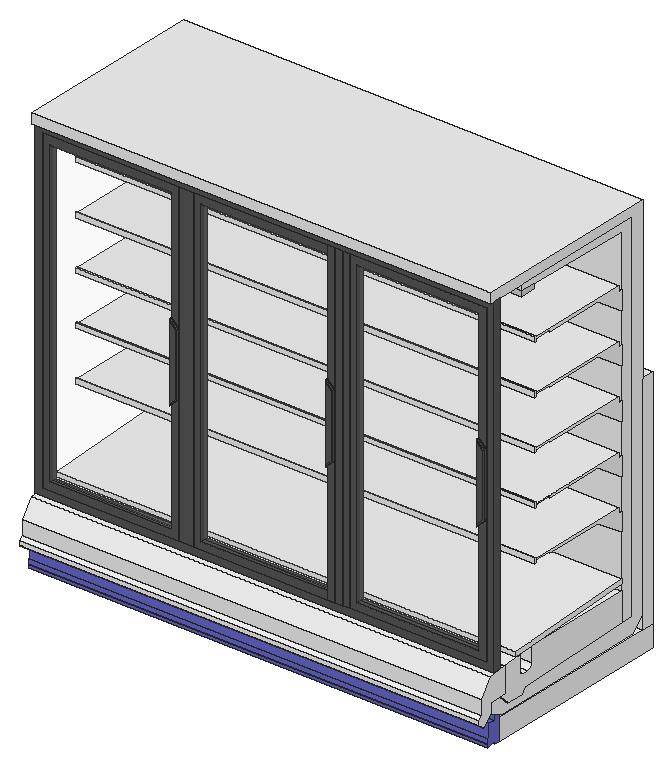
Revit family
Parameters (values of type "RL-3 Door Innov., Innov. II & III")
  Width = 92 1/2"
  Voltage - Electric Defrost [instance] = 208 V
  Voltage [instance] = 120 V
  URL = "www.hussmann.com"
  Type Comments = "LT Reach-In Merchandiser"
  Temp Sensor [instance] = "Low Voltage"
  Telephone = no
  System Control [instance] = "1.00 A"
  Standard Right End Cap On/Off [instance] = no
  Standard Left End Cap On/Off [instance] = no
  Revit Family Dates = "4/23/12PMA(0212)"
  Refrigerant Suction Connection Diameter = 7/8"
  Refrigerant Liquid Connection Diameter = 3/8"
  Refrig. Suction [instance] = "Suction"
  Refrig. Liquid [instance] = "Liquid"
  R.I. RH Doors YES/NO [instance] = no
  R.I. LH Doors YES/NO [instance] = yes
  R.I. - RH Door Swing YES/NO [instance] = no
  R.I. - LH Door Swing YES/NO [instance] = yes
  Phase [instance] = 1
  Number of Shelves = 0
  Model = "RL-3"
  Mirrored Right End Cap On/Off [instance] = no
  Mirrored Left End Cap On/Off [instance] = no
  Minimum Circuit Current [instance] = 4.9 A
  Manufacturer = "Hussmann Corporation"
  Linear Shelf Length = 0"
  Height = 82 3/8"
  Front Height = 0"
  Frequency [instance] = 60 Hz
  Finish_Trim [instance] = Stainless Steel 2
  Finish_Top [instance] = none
  Finish_Shelf [instance] = Stainless Steel
  Finish_Handle = Black Metal
  Finish_Glass [instance] = Glass 2
  Finish_Frame = Black Metal
  Finish_Door [instance] = Black Metal
  Finish_Case [instance] = Stainless Steel
  Finish_Bumper [instance] = Blue Metal
  Finish_Base [instance] = Stainless Steel
  Elect. Defrost Amps [instance] = "10.08 A"
  Elect. Def. Amps [instance] = 10.08 A
  EMS = no
  Drain Pipe Size = "1 1/4\""
  Drain Heaters [instance] = 1.25 A
  Description = "Low Temperature Reach-in(Frozen Food or Ice Cream)"
  Depth = 43 3/4"
  Data = "N/A"
  Copper-Suction [instance] = Copper
  Copper-Liquid [instance] = Copper
  Case Lights Amps [instance] = "0.54 A"
  Case Lights [instance] = 0.54 A
  Case Fans (MCA) [instance] = "4.90 A"
  Assembly Code = ""
Reference planes (in)
  plane 1 "Center (Front/Back)": y = 0
  plane 2: z = 0
  plane 3: y = -41.625
  plane 4: z = 13
  plane 5: z = 80
  plane 6: z = 82
  plane 7: y = -32
  plane 8: y = -43.75
  plane 9: y = -40.75
  plane 10: x = -46.86949
  plane 11: x = 45.63051
  plane 12: x = -43.86949
  plane 13: x = 39.63051
  plane 14: y = -40
  plane 15: y = -39.25
  plane 16 "DL": x = -45.36949
  plane 17 "DR": x = 41.13051
  plane 18: x = -0.61949
  plane 19: x = 40.63051
  plane 20: y = -33
  plane 21: y = -37
  plane 22: y = -34.625
  plane 23: x = -15.61949
  plane 24: y = -33.625
  plane 25: x = 14.38051
Forms (in)
  Extrusion 1, solid, material "Stainless Steel" <- "Finish_Case"
    sketch origin (-46.86949, 0, 0) x (0, 1, 0) y (0, 0, 1)
      loop
        line (-5, 4.63662) -> (-2.5, 7.13662) -> (-2.5, 82) -> (-40.75, 82) -> (-40.75, 80) -> (-5.5, 80) -> (-5.5, 8.31202) -> (-32.09633, 7.00826) -> (-33.05546, 6.04913) -> (-36.55546, 6.04913) -> (-38.5, 7.99367) -> (-40.75, 7.99367) -> (-40.75, 5.99367) -> (-37.75, 4.63662) -> (-5, 4.63662)
    from 0 to 92.5
  Extrusion 2, solid, material "Stainless Steel" <- "Finish_Case"
    sketch origin (-46.86949, 0, 0) x (0, 1, 0) y (0, 0, 1)
      loop
        line (-37.25, 13) -> (-40.75, 12.69379) -> (-43.04431, 9.41718) -> (-43.04431, 6.66718) -> (-43.75, 5.96149) -> (-43.75, 5.08872) -> (-42.58027, 4.2259) -> (-40.75, 5.99367) -> (-40.75, 7.99367) -> (-37.25, 7.99367) -> (-37.25, 13)
    from 0 to 92.5
  Extrusion 3, solid, material "Stainless Steel" <- "Finish_Case"
    sketch origin (-46.86949, 0, 0) x (0, 1, 0) y (0, 0, 1)
      loop
        line (-2.5, 4.26162) -> (0, 4.26162) -> (0, 49.76162) -> (-2.5, 49.76162) -> (-2.5, 4.26162)
    from 0 to 92.5
  Extrusion 4, solid, material "Stainless Steel" <- "Finish_Case"
    sketch origin (-46.86949, 0, 0) x (0, 1, 0) y (0, 0, 1)
      loop
        line (-5.5, 80) -> (-33, 80) -> (-33, 78.93638) -> (-7.75, 78.49564) -> (-7.75, 7.85845) -> (-5.5, 7.93702) -> (-5.5, 80)
    from 0 to 92.5
  Extrusion 5, solid
    sketch origin (-46.86949, 0, 0) x (0, 1, 0) y (0, 0, 1)
      loop
        line (-33, 78.93638) -> (-33, 77.93638) -> (-30, 77.93638) -> (-30, 78.88401) -> (-33, 78.93638)
    from 0 to 92.5
  Extrusion 6, solid, material "Stainless Steel" <- "Finish_Base"
    sketch origin (-46.86949, 0, 0) x (0, 1, 0) y (0, 0, 1)
      loop
        line (-36.55546, 6.04913) -> (-33.05546, 6.04913) -> (-32.09633, 7.00826) -> (-7.75, 7.85845) -> (-7.75, 13.65118) -> (-30.30697, 13.65118) -> (-30.30697, 10.65118)
        arc (-30.30697, 10.65118) -> (-30.59986, 9.94407) -> (-31.30697, 9.65118) r 1
        line (-31.30697, 9.65118) -> (-32.55697, 9.65118)
        arc (-32.55697, 9.65118) -> (-33.26408, 9.94407) -> (-33.55697, 10.65118) r 1
        line (-33.55697, 10.65118) -> (-33.55697, 13.52897) -> (-37.25, 13) -> (-37.25, 7.99367) -> (-38.5, 7.99367) -> (-36.55546, 6.04913)
    from 0 to 92.5
  Extrusion 7, solid, material "Stainless Steel" <- "Finish_Shelf"
    sketch origin (-46.86949, 0, 0) x (0, 1, 0) y (0, 0, 1)
      loop
        line (-7.75, 64.26162) -> (-7.75, 68.01162) -> (-8.5, 68.01162) -> (-8.5, 69.01162) -> (-29.5, 69.01162) -> (-29.5, 69.26162) -> (-29.75, 69.26162) -> (-29.75, 68.26162) -> (-29.5, 68.26162) -> (-29.5, 68.76162) -> (-26, 68.76162) -> (-26, 68.51162) -> (-13.81963, 68.51162) -> (-7.75, 64.26162)
      loop
        line (-7.75, 54.26162) -> (-7.75, 58.01162) -> (-8.5, 58.01162) -> (-8.5, 59.01162) -> (-29.5, 59.01162) -> (-29.5, 59.26162) -> (-29.75, 59.26162) -> (-29.75, 58.26162) -> (-29.5, 58.26162) -> (-29.5, 58.76162) -> (-26, 58.76162) -> (-26, 58.51162) -> (-13.81963, 58.51162) -> (-7.75, 54.26162)
      loop
        line (-7.75, 44.26162) -> (-7.75, 48.01162) -> (-8.5, 48.01162) -> (-8.5, 49.01162) -> (-29.5, 49.01162) -> (-29.5, 49.26162) -> (-29.75, 49.26162) -> (-29.75, 48.26162) -> (-29.5, 48.26162) -> (-29.5, 48.76162) -> (-26, 48.76162) -> (-26, 48.51162) -> (-13.81963, 48.51162) -> (-7.75, 44.26162)
      loop
        line (-7.75, 34.26162) -> (-7.75, 38.01162) -> (-8.5, 38.01162) -> (-8.5, 39.01162) -> (-29.5, 39.01162) -> (-29.5, 39.26162) -> (-29.75, 39.26162) -> (-29.75, 38.26162) -> (-29.5, 38.26162) -> (-29.5, 38.76162) -> (-26, 38.76162) -> (-26, 38.51162) -> (-13.81963, 38.51162) -> (-7.75, 34.26162)
      loop
        line (-7.75, 24.26162) -> (-7.75, 28.01162) -> (-8.5, 28.01162) -> (-8.5, 29.01162) -> (-29.5, 29.01162) -> (-29.5, 29.26162) -> (-29.75, 29.26162) -> (-29.75, 28.26162) -> (-29.5, 28.26162) -> (-29.5, 28.76162) -> (-26, 28.76162) -> (-26, 28.51162) -> (-13.81963, 28.51162) -> (-7.75, 24.26162)
      loop
        line (-34.54319, 13.47728) -> (-7.75, 14.88146) -> (-7.75, 15.88283) -> (-34.54319, 14.47866) -> (-34.54319, 13.47728)
    from 0 to 92.5
  Extrusion 8, solid, material "Stainless Steel"
    sketch origin (-45.36949, 0, 0) x (0, 1, 0) y (0, 0, 1)
      loop
        line (0, 4.26162) -> (-38.66016, 4.26162) -> (-38.66016, 0) -> (0, 0) -> (0, 4.26162)
    from 0 to -1.5
  Extrusion 9, solid, material "Blue Metal"
    sketch origin (-49.86949, 0, 0) x (0, 1, 0) y (0, 0, 1)
      loop
        line (-38.66016, 4.7871) -> (-39.66016, 5.36445) -> (-39.66016, 4.26162) -> (-41.375, 4.55297) -> (-41.375, 1.75) -> (-41.625, 1.75) -> (-41.625, 1) -> (-41.375, 1) -> (-41.375, 0.75) -> (-41.625, 0.75) -> (-41.625, 0.19004) -> (-39.66016, 0.52548) -> (-39.66016, 0) -> (-38.66016, 0) -> (-38.66016, 4.7871)
    from 3 to 95.5
  Extrusion 10, solid, material "Stainless Steel"
    sketch origin (-49.86949, 0, 0) x (0, 1, 0) y (0, 0, 1)
      loop
        line (-32, 1.76162) -> (0, 1.76162) -> (0, 4.26162) -> (-32, 4.26162) -> (-32, 1.76162)
    from 4.5 to 94
  Extrusion 11, solid, material "Stainless Steel"
    sketch origin (-45.36949, 0, 0) x (0, 1, 0) y (0, 0, 1)
      loop
        line (-0.5532, 1.76162) -> (-2.8032, 1.76162) -> (-2.8032, 0) -> (-0.5532, 0) -> (-0.5532, 1.76162)
      loop
        line (-31.4468, 1.76162) -> (-31.4468, 0) -> (-29.1968, 0) -> (-29.1968, 1.76162) -> (-31.4468, 1.76162)
    from 0 to 89.5
  Extrusion 12, solid, material "Stainless Steel"
    sketch origin (44.13051, 0, 0) x (0, 1, 0) y (0, 0, 1)
      loop
        line (0, 4.26162) -> (-38.66016, 4.26162) -> (-38.66016, 0) -> (0, 0) -> (0, 4.26162)
    from 0 to 1.5
  Extrusion 13, solid, material "Stainless Steel"
    sketch origin (0, 0, 0) x (1, 0, 0) y (0, 1, 0)
      loop
        circle (40.63051, -37) r 0.375
      loop
        circle (40.63051, -37) r 0.36562
      loop
        circle (39.63051, -37) r 0.375
      loop
        circle (39.63051, -37) r 0.36562
      loop
        circle (38.63051, -37) r 0.375
      loop
        circle (38.63051, -37) r 0.36562
      loop
        circle (37.63051, -37) r 0.375
      loop
        circle (37.63051, -37) r 0.36562
      loop
        circle (36.63051, -37) r 0.375
      loop
        circle (36.63051, -37) r 0.36562
    from 4.63662 to 2.77168
  Extrusion 14, solid, material "Stainless Steel"
    sketch origin (0, 0, 0) x (1, 0, 0) y (0, 1, 0)
      loop
        circle (-0.61949, -34.625) r 0.625
      loop
        circle (-0.61949, -34.625) r 0.59853
    from 6.42413 to 2.77168
  Extrusion 15, solid, material "Copper" <- "Copper-Suction"
    sketch origin (31.99896, -0.05544, -0.375) x (1, 0, 0) y (0, 1, 0)
      loop
        circle (8.62802, -33) r 0.4375
      loop
        circle (8.62802, -33) r 0.41359
    from 4.26162 to 3.64579
  Extrusion 16, solid, material "Copper" <- "Copper-Liquid"
    sketch origin (31.99896, -0.05544, -0.375) x (1, 0, 0) y (0, 1, 0)
      loop
        circle (7.05443, -33) r 0.1875
      loop
        circle (7.05443, -33) r 0.17284
    from 4.26162 to 3.64579
Lines and regions (in)
  symbolic lines
    curve 1: line (-46.86949, -43.75, 0) -> (45.63051, -43.75, 0)
    curve 2: line (-46.86949, 0, 0) -> (-46.86949, -43.75, 0)
    curve 3: line (45.63051, 0, 0) -> (45.63051, -43.75, 0)
    curve 4: line (-46.86949, 0, 0) -> (45.63051, 0, 0)
Dimensions and locks (in)
  plane 10 to plane 11 = 92 1/2"
  plane 1 "Center (Front/Back)" to plane 3 = 41 5/8"
  "Depth": plane 1 "Center (Front/Back)" to plane 8
  plane 3 to plane 1 "Center (Front/Back)" = 41 5/8"
  locked: plane 10 to plane 12 at 3
  plane 13 to plane 11 = 6"
  level to plane 6 = 82"
  plane 11 to plane 10 = 92 1/2"
  plane 18 to plane 10 = 46 1/4"
  plane 11 to plane 18 = 46 1/4"
  aligned and locked: curve 1 to Extrusion 2
  aligned and locked: Extrusion 13 to Extrusion 1
Automatic sketch dimensions
  plane 1 "Center (Front/Back)" to curve 4 = 0"
  curve 4 to plane 10 = 0"
  curve 3 to plane 11 = 0"
  Extrusion 1 sketch curve to plane 9 = 0"  (x2)
  plane 5 to Extrusion 1 sketch curve = 0"
  plane 6 to Extrusion 1 sketch curve = 0"
  Extrusion 1 sketch curve to plane 15 = 3/4"
  plane 21 to Extrusion 1 sketch curve = 3/4"
  Extrusion 1 sketch curve to plane 21 = 0.44454"
  plane 20 to Extrusion 1 sketch curve = 0.05546"
  plane 7 to Extrusion 1 sketch curve = 0.09633"
  plane 1 "Center (Front/Back)" to Extrusion 1 sketch curve = 5 1/2"
  Extrusion 1 sketch curve to Extrusion 1 sketch curve = 1/2"
  plane 1 "Center (Front/Back)" to Extrusion 1 sketch curve = 2 1/2"
  plane 4 to Extrusion 1 sketch curve = 4.68798"
  plane 4 to Extrusion 1 sketch curve = 5.00633"
  Extrusion 1 sketch curve to Extrusion 1 sketch curve = 1.1754"
  plane 4 to Extrusion 1 sketch curve = 5.99174"
  Extrusion 1 sketch curve to Extrusion 1 sketch curve = 0.95913"
  Extrusion 1 sketch curve to Extrusion 1 sketch curve = 2"
  Extrusion 1 sketch curve to Extrusion 1 sketch curve = 2 1/2"
  Extrusion 2 sketch curve to plane 8 = 0"
  Extrusion 2 sketch curve to plane 9 = 0"  (x2)
  plane 4 to Extrusion 2 sketch curve = 0"
  Extrusion 2 sketch curve to plane 8 = 0.70569"
  plane 3 to Extrusion 2 sketch curve = 0.95527"
  plane 21 to Extrusion 2 sketch curve = 1/4"
  plane 4 to Extrusion 2 sketch curve = 0.30621"
  plane 4 to Extrusion 2 sketch curve = 3.58282"
  Extrusion 2 sketch curve to Extrusion 2 sketch curve = 1.42351"
  Extrusion 2 sketch curve to Extrusion 2 sketch curve = 1.32649"
  Extrusion 2 sketch curve to Extrusion 2 sketch curve = 2"
  Extrusion 2 sketch curve to Extrusion 2 sketch curve = 0.70569"
  Extrusion 2 sketch curve to Extrusion 2 sketch curve = 0.87277"
  Extrusion 2 sketch curve to Extrusion 2 sketch curve = 0.86282"
  Extrusion 3 sketch curve to plane 1 "Center (Front/Back)" = 0"
  Extrusion 3 sketch curve to Extrusion 3 sketch curve = 2 1/2"
  level to Extrusion 3 sketch curve = 4.26162"
  plane 5 to Extrusion 3 sketch curve = 30.23838"
  Extrusion 4 sketch curve to plane 20 = 0"
  plane 5 to Extrusion 4 sketch curve = 0"
  plane 1 "Center (Front/Back)" to Extrusion 4 sketch curve = 7 3/4"
  Extrusion 4 sketch curve to Extrusion 4 sketch curve = 2 1/4"
  Extrusion 4 sketch curve to Extrusion 4 sketch curve = 1.06362"
  plane 5 to Extrusion 4 sketch curve = 1.50436"
  plane 4 to Extrusion 4 sketch curve = 5.06298"
  Extrusion 4 sketch curve to Extrusion 4 sketch curve = 0.07857"
  Extrusion 5 sketch curve to plane 20 = 0"
  Extrusion 5 sketch curve to plane 7 = 2"
  plane 5 to Extrusion 5 sketch curve = 2.06362"
  Extrusion 5 sketch curve to Extrusion 5 sketch curve = 0.94763"
  Extrusion 5 sketch curve to Extrusion 5 sketch curve = 1"
  plane 4 to Extrusion 6 sketch curve = 0"
  Extrusion 6 sketch curve to plane 15 = 3/4"
  plane 21 to Extrusion 6 sketch curve = 1/4"
  Extrusion 6 sketch curve to plane 21 = 0.44454"
  Extrusion 6 sketch curve to plane 24 = 0.06803"
  plane 20 to Extrusion 6 sketch curve = 0.05546"
  Extrusion 6 sketch curve to plane 20 = 0.44303"
  plane 7 to Extrusion 6 sketch curve = 0.09633"
  Extrusion 6 sketch curve to plane 7 = 0.69303"
  Extrusion 6 sketch curve to Extrusion 6 sketch curve = 1"
  Extrusion 6 sketch curve to plane 4 = 0.65118"
  plane 1 "Center (Front/Back)" to Extrusion 6 sketch curve = 7 3/4"
  plane 4 to Extrusion 6 sketch curve = 2.34882"
  plane 4 to Extrusion 6 sketch curve = 5.00633"
  plane 4 to Extrusion 6 sketch curve = 5.14155"
  Extrusion 6 sketch curve to Extrusion 6 sketch curve = 2.64293"
  Extrusion 6 sketch curve to Extrusion 6 sketch curve = 1.94454"
  Extrusion 6 sketch curve to plane 4 = 0.52897"
  Extrusion 7 sketch curve to plane 22 = 0.08181"
  Extrusion 7 sketch curve to plane 7 = 2 1/4"  (x5)
  Extrusion 7 sketch curve to Extrusion 7 sketch curve = 1/4"  (x17)
  Extrusion 7 sketch curve to Extrusion 7 sketch curve = 0"  (x6)
  Extrusion 7 sketch curve to Extrusion 7 sketch curve = 3 1/2"  (x5)
  Extrusion 7 sketch curve to Extrusion 7 sketch curve = 12.18037"
  Extrusion 7 sketch curve to Extrusion 7 sketch curve = 5.31963"  (x5)
  Extrusion 7 sketch curve to Extrusion 7 sketch curve = 3/4"  (x5)
  Extrusion 7 sketch curve to plane 4 = 1.88146"
  plane 1 "Center (Front/Back)" to Extrusion 7 sketch curve = 7 3/4"
  Extrusion 7 sketch curve to plane 4 = 1.47866"
  Extrusion 7 sketch curve to plane 4 = 0.47728"
  Extrusion 7 sketch curve to Extrusion 7 sketch curve = 1.00137"
  Extrusion 7 sketch curve to Extrusion 7 sketch curve = 8.37879"
  Extrusion 7 sketch curve to Extrusion 7 sketch curve = 3 3/4"  (x5)
  Extrusion 7 sketch curve to Extrusion 7 sketch curve = 13.78296"
  Extrusion 7 sketch curve to Extrusion 7 sketch curve = 1/2"  (x8)
  Extrusion 7 sketch curve to Extrusion 7 sketch curve = 5 1/4"  (x4)
  Extrusion 7 sketch curve to Extrusion 7 sketch curve = 9"  (x4)
  Extrusion 7 sketch curve to Extrusion 7 sketch curve = 1"  (x3)
  Extrusion 8 sketch curve to level = 0"
  Extrusion 8 sketch curve to plane 1 "Center (Front/Back)" = 0"
  Extrusion 8 sketch curve to plane 15 = 151/256"
  Extrusion 8 sketch curve to Extrusion 8 sketch curve = 4.26162"
  Extrusion 9 sketch curve to plane 3 = 0"  (x2)
  Extrusion 9 sketch curve to level = 0"
  Extrusion 9 sketch curve to plane 3 = 1/4"  (x2)
  plane 14 to Extrusion 9 sketch curve = 87/256"  (x2)
  Extrusion 9 sketch curve to plane 15 = 151/256"
  level to Extrusion 9 sketch curve = 0.19004"
  level to Extrusion 9 sketch curve = 0.52548"
  Extrusion 9 sketch curve to Extrusion 9 sketch curve = 0.55996"
  Extrusion 9 sketch curve to Extrusion 9 sketch curve = 1/4"
  Extrusion 9 sketch curve to Extrusion 9 sketch curve = 3/4"
  Extrusion 9 sketch curve to Extrusion 9 sketch curve = 2.51162"
  Extrusion 9 sketch curve to Extrusion 9 sketch curve = 0.29135"
  Extrusion 9 sketch curve to Extrusion 9 sketch curve = 0.52548"
  Extrusion 9 sketch curve to Extrusion 9 sketch curve = 1.10283"
  Extrusion 10 sketch curve to plane 7 = 0"
  Extrusion 10 sketch curve to plane 1 "Center (Front/Back)" = 0"
  level to Extrusion 10 sketch curve = 1.76162"
  Extrusion 10 sketch curve to Extrusion 10 sketch curve = 2 1/2"
  Extrusion 11 sketch curve to level = 0"  (x2)
  Extrusion 11 sketch curve to plane 7 = 0.5532"
  Extrusion 11 sketch curve to Extrusion 11 sketch curve = 2 1/4"
  plane 1 "Center (Front/Back)" to Extrusion 11 sketch curve = 2.8032"
  plane 1 "Center (Front/Back)" to Extrusion 11 sketch curve = 0.5532"
  level to Extrusion 11 sketch curve = 1.76162"  (x2)
  Extrusion 12 sketch curve to level = 0"
  Extrusion 12 sketch curve to plane 1 "Center (Front/Back)" = 0"
  Extrusion 12 sketch curve to plane 15 = 151/256"
  level to Extrusion 12 sketch curve = 4.26162"
  Extrusion 13 sketch curve to Extrusion 13 sketch curve = 0"  (x10)
  plane 21 to Extrusion 13 sketch curve = 0"  (x5)
  Extrusion 13 sketch curve to plane 13 = 0"
  Extrusion 13 sketch curve to plane 19 = 0"
  Extrusion 13 sketch curve to plane 13 = 1"
  Extrusion 13 sketch curve to Extrusion 13 sketch curve = 1"  (x2)
  Extrusion 14 sketch curve to Extrusion 14 sketch curve = 0"  (x2)
  Extrusion 14 sketch curve to plane 18 = 0"
  plane 22 to Extrusion 14 sketch curve = 0"
  Extrusion 15 sketch curve to Extrusion 15 sketch curve = 0"  (x2)
  Extrusion 15 sketch curve to plane 19 = 0.00353"
  plane 20 to Extrusion 15 sketch curve = 0.05544"
  Extrusion 16 sketch curve to Extrusion 16 sketch curve = 0"  (x2)
  plane 20 to Extrusion 16 sketch curve = 0.05544"
  Extrusion 16 sketch curve to plane 13 = 0.57712"
  radius of Extrusion 13 sketch curve = 3/8"  (x5)
  radius of Extrusion 13 sketch curve = 0.36562"  (x5)
  radius of Extrusion 14 sketch curve = 5/8"
  radius of Extrusion 14 sketch curve = 0.59853"
  radius of Extrusion 15 sketch curve = 7/16"
  radius of Extrusion 15 sketch curve = 0.41359"
  radius of Extrusion 16 sketch curve = 3/16"
  radius of Extrusion 16 sketch curve = 0.17284"
Nested families (in)
  nested 1: "Label Annotation 3-32" at (-0.61949, -8.125, -0.375), type "Label Annotation 3-32"
  nested 2: "RL-INNOVATORII_END PANEL" at (-44.75, 0, 0), visible <- "Standard Left End Cap On/Off", type "RL-End Panel Mirrored"
    with Serial Number "N/A", Remarks "N/A", Received By "N/A", Furnished By "N/A", Finish_Trim Stainless Steel 2, Finish_Top none, Finish_Shelf Stainless Steel, Finish_Glass Glass 2, Finish_Door Metal Black-Door, Finish_Case Stainless Steel, Finish_Bumper Metal Blue-trim, Finish_Base Stainless Steel, Final Hookup By "N/A", Assembled By "N/A"
  nested 3: "RL-INNOVATORII_END PANEL" at (49.25, 0, 0), visible <- "Standard Right End Cap On/Off", type "RL-End Panel Mirrored"
    with Serial Number "N/A", Remarks "N/A", Received By "N/A", Furnished By "N/A", Finish_Trim Stainless Steel 2, Finish_Top none, Finish_Shelf Stainless Steel, Finish_Glass Glass 2, Finish_Door Metal Black-Door, Finish_Case Stainless Steel, Finish_Bumper Metal Blue-trim, Finish_Base Stainless Steel, Final Hookup By "N/A", Assembled By "N/A"
  nested 4: "RL-INNOVATORII_END CAP MIRRORED" at (-44.75, 0, 0), visible <- "Mirrored Left End Cap On/Off", type "RL-End Panel Mirrored"
    with Serial Number "N/A", Remarks "N/A", Received By "N/A", Furnished By "N/A", Finish_Trim Stainless Steel 2, Finish_Top none, Finish_Shelf Stainless Steel, Finish_Glass Glass 2, Finish_Door Metal Black-Door, Finish_Case Stainless Steel, Finish_Bumper Metal Blue-trim, Finish_Base Stainless Steel, Final Hookup By "N/A", Assembled By "N/A"
  nested 5: "RL-INNOVATORII_END CAP MIRRORED" at (49.25, 0, 0), visible <- "Mirrored Right End Cap On/Off", type "RL-End Panel Mirrored"
    with Serial Number "N/A", Remarks "N/A", Received By "N/A", Furnished By "N/A", Finish_Trim Stainless Steel 2, Finish_Top none, Finish_Shelf Stainless Steel, Finish_Glass Glass 2, Finish_Door Metal Black-Door, Finish_Case Stainless Steel, Finish_Bumper Metal Blue-trim, Finish_Base Stainless Steel, Final Hookup By "N/A", Assembled By "N/A"
  nested 6: "Case Nodes" at (-15.61949, -41.625, 0), type "Case Nodes"
  nested 7: "Case Nodes" at (40.63051, -33, 0), type "Case Nodes"
  nested 8: "Case Nodes" at (40.6292, -36.99947, 0), type "Case Nodes"
  nested 9: "Case Nodes" at (-15.61949, -33.625, 0), type "Case Nodes"
  nested 10: "Case Nodes" at (14.38051, -41.625, 0), type "Case Nodes"
  nested 11: "Case Nodes" at (14.38051, -33.625, 0), type "Case Nodes"
  nested 12: "RL_3DR-LH" at (0, 0, 0), visible <- "R.I. LH Doors YES/NO", type "RL_3DR-LH"
    with Finish_Glass Glass 2, Finish_Door Black Metal
  nested 13: "RL_3DR-RH" at (0, 0, 0), visible <- "R.I. RH Doors YES/NO", type "RL_3DR-RH"
    with Finish_Glass Glass 2, Finish_Door Black Metal
  nested 14: "RL_3DR-LHDS" at (0, -3.75, 0), visible <- "R.I. - LH Door Swing YES/NO", type "RL_3DR-LHDS"
  nested 15: "RL_3DR-RHDS" at (0, -3.75, 0), visible <- "R.I. - RH Door Swing YES/NO", type "RL_3DR-RHDS"
Connectors (in)
  electrical at (40.63051, -37, 2.77168), driven by "Phase", driven by "Voltage - Electric Defrost", driven by "Elect. Defrost Amps"
    settings: on Extrusion 13, index 3, voltage 208 V, apparent load 0 VA, apparent load phase1 0 VA, apparent load phase2 0 VA, apparent load phase3 0 VA, power factor 1, load classification "Power", number of poles 1, system type 30, power factor state 1, is connector primary yes, connector utility no, sub classification motor no, connector description "10.08 A"
  electrical at (39.63051, -37, 2.77168), driven by "Phase", driven by "Voltage", driven by "Case Fans (MCA)"
    settings: on Extrusion 13, index 4, voltage 120 V, apparent load 0 VA, apparent load phase1 0 VA, apparent load phase2 0 VA, apparent load phase3 0 VA, power factor 1, load classification "Power", number of poles 1, system type 30, power factor state 1, is connector primary no, connector utility no, sub classification motor no, connector description "4.90 A"
  electrical at (38.63051, -37, 2.77168), driven by "Phase", driven by "Voltage", driven by "Case Lights Amps"
    settings: on Extrusion 13, index 5, voltage 120 V, apparent load 0 VA, apparent load phase1 0 VA, apparent load phase2 0 VA, apparent load phase3 0 VA, power factor 1, load classification "Lighting", number of poles 1, system type 30, power factor state 1, is connector primary no, connector utility no, sub classification motor no, connector description "0.54 A"
  electrical at (37.63051, -37, 2.77168), driven by "System Control"
    settings: on Extrusion 13, index 6, voltage 0 V, apparent load 0 VA, apparent load phase1 0 VA, apparent load phase2 0 VA, apparent load phase3 0 VA, power factor 1, load classification "Other", number of poles 1, system type 13, power factor state 1, is connector primary no, connector utility no, sub classification motor no, connector description "1.00 A"
  electrical at (36.63051, -37, 2.77168), driven by "Temp Sensor"
    settings: on Extrusion 13, index 7, voltage 0 V, apparent load 0 VA, apparent load phase1 0 VA, apparent load phase2 0 VA, apparent load phase3 0 VA, power factor 1, load classification "Other", number of poles 1, system type 14, power factor state 1, is connector primary no, connector utility no, sub classification motor no, connector description "Low Voltage"
  piping at (-0.61949, -34.625, 2.77168), driven by "Drain Pipe Size"
    settings: on Extrusion 14, index 8, connector radius 5/8", flow factor 0, pipe flow 0 GPM, pressure drop 0.00 psi, fitting loss kfactor 0, connector angle 0.00°, fixture units 0, flow configuration 0, flow direction 0, fitting loss method 0, system type 16, connector reference index -1, connector utility 0, adjustable connector no, is connector primary yes, fitting loss table "", connector description "1 1/4\""
  piping at (40.62698, -33.05544, 3.27079), driven by "Refrig. Suction"
    settings: on Extrusion 15, index 9, connector radius 7/16", flow factor 0, pipe flow 0 GPM, pressure drop 0.00 psi, fitting loss kfactor 0, connector angle 0.00°, fixture units 0, flow configuration 0, flow direction 2, fitting loss method 0, system type 22, connector reference index -1, connector utility 0, adjustable connector no, is connector primary no, fitting loss table "", connector description "Suction"
  piping at (39.05339, -33.05544, 3.27079), driven by "Refrig. Liquid"
    settings: on Extrusion 16, index 10, connector radius 3/16", flow factor 0, pipe flow 0 GPM, pressure drop 0.00 psi, fitting loss kfactor 0, connector angle 0.00°, fixture units 0, flow configuration 0, flow direction 1, fitting loss method 0, system type 22, connector reference index -1, connector utility 0, adjustable connector no, is connector primary no, fitting loss table "", connector description "Liquid"
Definition of nested family "RL-INNOVATORII_END PANEL"
  Parameters (values of type "RL-End Panel Mirrored")
    Width = 1 1/2"
    Watts = ""
    Volts = ""
    URL = "www.hussmann.com"
    Type Comments = "N/A"
    Telephone = no
    Serial Number [instance] = "N/A"
    Remarks [instance] = "N/A"
    Refrigerant Type = "N/A"
    Received By [instance] = "N/A"
    Prototype = no
    Power = "N/A"
    PO Template = no
    Number of Shelves = 0
    Model = "RL- Mirrored End Panel"
    Manufacturer = "Hussmann"
    Linear Shelf Length = 0"
    Item = "N/A"
    Install Date - Actual = "N/A"
    Install Data - Projected = "N/A"
    Hot Water = no
    Height = 82"
    HP = ""
    Gas Type = "N/A"
    Gas Pipe Size = "N/A"
    Furnished By [instance] = "N/A"
    Front Height = 0"
    Finish_Trim [instance] = Stainless Steel 2
    Finish_Top [instance] = none
    Finish_Shelf [instance] = Stainless Steel
    Finish_Handle = Metal Black-Door
    Finish_Glass [instance] = Glass 2
    Finish_Frame = Metal Black-Door
    Finish_Door [instance] = Metal Black-Door
    Finish_Case [instance] = Stainless Steel
    Finish_Bumper [instance] = Metal Blue-trim
    Finish_Base [instance] = Stainless Steel
    Final Hookup By [instance] = "N/A"
    Evap Temp = ""
    EMS = no
    Drain Pipe Size = "N/A"
    Divisional Use = "N/A"
    Description 2 = "Impact Merchandiser"
    Description = "Low Temperature Reach-in(Food or Ice Cream)"
    Depth = 43 3/4"
    Data = "N/A"
    Cold Water = no
    Class Code = "N/A"
    Category = "N/A"
    BTU Rating = "N/A"
    Assembly Code = "E1090320"
    Assembled By [instance] = "N/A"
    Amps = ""
    Accessories/Options = "N/A"
  Reference planes (in)
    plane 1 "Center (Front/Back)": y = 0
    plane 2: z = 0
    plane 3: y = -43.75
  Forms (in)
    Extrusion 1, solid, material "Stainless Steel" <- "Finish_Case"
      sketch origin (-3.61949, 0, 0) x (0, 1, 0) y (0, 0, 1)
        loop
          line (0, 82) -> (-40.75, 82) -> (-40.75, 12.69379) -> (-43.04431, 9.41718) -> (-43.04431, 6.66718) -> (-43.75, 5.96149) -> (-43.75, 4.2259) -> (-41.5625, 4.2259) -> (-41.5625, 0) -> (0, 0) -> (0, 82)
      from 0 to 1.5
  Lines and regions (in)
    symbolic lines
      curve 1: line (-3.61949, 0, 0) -> (-2.11949, 0, 0)
      curve 2: line (-3.61949, -43.75, 0) -> (-3.61949, 0, 0)
      curve 3: line (-2.11949, -43.75, 0) -> (-3.61949, -43.75, 0)
      curve 4: line (-2.11949, 0, 0) -> (-2.11949, -43.75, 0)
  Dimensions and locks (in)
    plane 3 to plane 1 "Center (Front/Back)" = 43 3/4"
    Extrusion 1 to Extrusion 1 = 1 1/2"
    locked: Extrusion 1 to Extrusion 1 at 1.5  (x2)
    locked: Extrusion 1 to level at 82
    locked: plane 1 "Center (Front/Back)" to plane 3 at 43.75
    aligned: curve 1 to Extrusion 1  (x2)
    aligned: curve 4 to Extrusion 1  (x2)
Definition of nested family "RL-INNOVATORII_END CAP MIRRORED"
  Parameters (values of type "RL-End Panel Mirrored")
    Width = 1 1/2"
    Watts = ""
    Volts = ""
    URL = "www.hussmann.com"
    Type Comments = "N/A"
    Telephone = no
    Serial Number [instance] = "N/A"
    Remarks [instance] = "N/A"
    Refrigerant Type = "N/A"
    Received By [instance] = "N/A"
    Prototype = no
    Power = "N/A"
    PO Template = no
    Number of Shelves = 0
    Model = "RL- Mirrored End Panel"
    Manufacturer = "Hussmann"
    Linear Shelf Length = 0"
    Item = "N/A"
    Install Date - Actual = "N/A"
    Install Data - Projected = "N/A"
    Hot Water = no
    Height = 82"
    HP = ""
    Gas Type = "N/A"
    Gas Pipe Size = "N/A"
    Furnished By [instance] = "N/A"
    Front Height = 0"
    Finish_Trim [instance] = Stainless Steel 2
    Finish_Top [instance] = none
    Finish_Shelf [instance] = Stainless Steel
    Finish_Handle = Metal Black-Door
    Finish_Glass [instance] = Glass 2
    Finish_Frame = Metal Black-Door
    Finish_Door [instance] = Metal Black-Door
    Finish_Case [instance] = Stainless Steel
    Finish_Bumper [instance] = Metal Blue-trim
    Finish_Base [instance] = Stainless Steel
    Final Hookup By [instance] = "N/A"
    Evap Temp = ""
    EMS = no
    Drain Pipe Size = "N/A"
    Divisional Use = "N/A"
    Description 2 = "Impact Merchandiser"
    Description = "Low Temperature Reach-in(Food or Ice Cream)"
    Depth = 43 3/4"
    Data = "N/A"
    Cold Water = no
    Class Code = "N/A"
    Category = "N/A"
    BTU Rating = "N/A"
    Assembly Code = "E1090320"
    Assembled By [instance] = "N/A"
    Amps = ""
    Accessories/Options = "N/A"
  Reference planes (in)
    plane 1 "Center (Front/Back)": y = 0
    plane 2: z = 0
    plane 3: y = -43.75
  Forms (in)
    Extrusion 1, solid, material "Stainless Steel" <- "Finish_Case"
      sketch origin (-3.61949, 0, 0) x (0, 1, 0) y (0, 0, 1)
        loop
          line (0, 82) -> (-40.75, 82) -> (-40.75, 12.69379) -> (-43.04431, 9.41718) -> (-43.04431, 6.66718) -> (-43.75, 5.96149) -> (-43.75, 4.2259) -> (-41.5625, 4.2259) -> (-41.5625, 0) -> (0, 0) -> (0, 82)
      from 0 to 1.5
  Lines and regions (in)
    symbolic lines
      curve 1: line (-3.61949, 0, 0) -> (-2.11949, 0, 0)
      curve 2: line (-3.61949, -43.75, 0) -> (-3.61949, 0, 0)
      curve 3: line (-2.11949, -43.75, 0) -> (-3.61949, -43.75, 0)
      curve 4: line (-2.11949, 0, 0) -> (-2.11949, -43.75, 0)
  Dimensions and locks (in)
    plane 3 to plane 1 "Center (Front/Back)" = 43 3/4"
    Extrusion 1 to Extrusion 1 = 1 1/2"
    locked: Extrusion 1 to Extrusion 1 at 1.5  (x2)
    locked: Extrusion 1 to level at 82
    locked: plane 1 "Center (Front/Back)" to plane 3 at 43.75
    aligned: curve 1 to Extrusion 1  (x2)
    aligned: curve 4 to Extrusion 1  (x2)
Definition of nested family "RL_3DR-LH"
  Parameters (values of type "RL_3DR-LH")
    URL = "www.hussmann.com"
    Type Comments = ""
    Revit Family Dates = "5/18/12PMA"
    Model = ""
    Manufacturer = "Hussmann Corporation"
    Finish_Handle = Black Metal
    Finish_Glass [instance] = Glass 2
    Finish_Frame = Black Metal
    Finish_Door [instance] = Black Metal
    Description = "LH Reach-In Doors for RL-3 Merchandiser"
    Assembly Code = ""
  Reference planes (in)
    plane 1 "Center (Front/Back)": y = 0
    plane 2: z = 0
    plane 3: y = -41.625
    plane 4: z = 13
    plane 5: z = 80
    plane 6: z = 82
    plane 7: y = -32
    plane 8: y = -43.75
    plane 9: y = -40.75
    plane 10: x = -46.86949
    plane 11: x = 45.63051
    plane 12: x = -43.86949
    plane 13: x = 39.63051
    plane 14: y = -40
    plane 15: y = -39.25
    plane 16 "DL": x = -45.36949
    plane 17 "DR": x = 41.13051
    plane 18: x = -0.61949
    plane 19: x = 40.63051
    plane 20: y = -33
    plane 21: y = -37
    plane 22: y = -34.625
    plane 23: x = -15.61949
    plane 24: y = -33.625
    plane 25: x = 14.38051
  Forms (in)
    Sweep 1, solid, material "Black Metal" <- "Finish_Frame"
      path origin (0, 0, 0) x (1, 0, 0) y (0, 0, 1)
        loop
          line (-46.86949, 80) -> (-46.86949, 13) -> (45.63051, 13) -> (45.63051, 80) -> (-46.86949, 80)
      profile origin (-0.61949, 0, 80) x (0, 0, 1) y (0, -1, 0)
        loop
          line (0, 40) -> (-1.5, 40) -> (-1.5, 38.5) -> (0, 38.5) -> (0, 40)
    Extrusion 2, solid, material "Black Metal" <- "Finish_Door"
      sketch origin (0, -40, 0) x (0, 0, 1) y (1, 0, 0)
        loop
          line (78.5, -45.36949) -> (78.5, -17.84615) -> (14.5, -17.84615) -> (14.5, -45.36949) -> (78.5, -45.36949)
        loop
          line (78.5, 16.60718) -> (78.5, 44.13051) -> (14.5, 44.13051) -> (14.5, 16.60718) -> (78.5, 16.60718)
        loop
          line (77, -43.86949) -> (77, -19.34615) -> (16, -19.34615) -> (16, -43.86949) -> (77, -43.86949)
        loop
          line (77, 18.10718) -> (77, 42.63051) -> (16, 42.63051) -> (16, 18.10718) -> (77, 18.10718)
        loop
          line (78.5, -14.84615) -> (78.5, 13.60718) -> (14.5, 13.60718) -> (14.5, -14.84615) -> (78.5, -14.84615)
        loop
          line (77, -13.34615) -> (77, 12.10718) -> (16, 12.10718) -> (16, -13.34615) -> (77, -13.34615)
      from 0 to 1.5
    Extrusion 3, solid, material "Glass 2" <- "Finish_Glass"
      sketch origin (0, -39.25, 0) x (1, 0, 0) y (0, 0, 1)
        loop
          line (-43.86949, 77) -> (-43.86949, 16) -> (-19.34615, 16) -> (-19.34615, 77) -> (-43.86949, 77)
        loop
          line (18.10718, 77) -> (18.10718, 16) -> (42.63051, 16) -> (42.63051, 77) -> (18.10718, 77)
        loop
          line (-13.34615, 77) -> (-13.34615, 16) -> (12.10718, 16) -> (12.10718, 77) -> (-13.34615, 77)
      from 0.13 to -0.13
    Extrusion 4, solid, material "Black Metal" <- "Finish_Frame"
      sketch origin (-16.53615, 0, 0) x (0, 1, 0) y (0, 0, 1)
        loop
          line (-40, 78.5) -> (-40, 14.5) -> (-38.5, 14.5) -> (-38.5, 78.5) -> (-40, 78.5)
      from 1.69 to -1.31
    Extrusion 5, solid, material "Black Metal" <- "Finish_Frame"
      sketch origin (12.29718, 0, 0) x (0, 1, 0) y (0, 0, -1)
        loop
          line (-40, -78.5) -> (-38.5, -78.5) -> (-38.5, -14.5) -> (-40, -14.5) -> (-40, -78.5)
      from -1.31 to -4.31
    Extrusion 6, solid, material "Black Metal" <- "Finish_Handle"
      sketch origin (-5.19542, -3.125, 31.9375) x (1, 0, 0) y (0, 0, 1)
        loop
          line (-14.15074, 22.4375) -> (-14.15074, 22.08395) -> (-12.90074, 20.83395) -> (-12.90074, 8.29105) -> (-14.15074, 7.04105) -> (-14.15074, 6.6875) -> (-12.65074, 8.1875) -> (-12.65074, 20.9375) -> (-14.15074, 22.4375)
      from 36.875 to 37.375
    Extrusion 7, solid, material "Black Metal" <- "Finish_Handle"
      sketch origin (56.78125, -3.125, 31.9375) x (1, 0, 0) y (0, 0, 1)
        loop
          line (-14.15074, 22.4375) -> (-14.15074, 22.08395) -> (-12.90074, 20.83395) -> (-12.90074, 8.29105) -> (-14.15074, 7.04105) -> (-14.15074, 6.6875) -> (-12.65074, 8.1875) -> (-12.65074, 20.9375) -> (-14.15074, 22.4375)
      from 36.875 to 37.375
    Extrusion 8, solid, material "Black Metal"
      sketch origin (26.25792, -3.125, 31.9375) x (1, 0, 0) y (0, 0, 1)
        loop
          line (-14.15074, 22.4375) -> (-14.15074, 22.08395) -> (-12.90074, 20.83395) -> (-12.90074, 8.29105) -> (-14.15074, 7.04105) -> (-14.15074, 6.6875) -> (-12.65074, 8.1875) -> (-12.65074, 20.9375) -> (-14.15074, 22.4375)
      from 36.875 to 37.375
    Extrusion 9, solid, material "Black Metal"
      sketch origin (-5.19542, -40.25, 31.9375) x (1, 0, 0) y (0, 0, 1)
        loop
          line (-12.65074, 20.9375) -> (-14.15074, 22.4375) -> (-14.15074, 6.6875) -> (-12.65074, 8.1875) -> (-12.65074, 20.9375)
      from 0.25 to 0
    Extrusion 10, solid, material "Black Metal"
      sketch origin (26.25792, -40.25, 31.9375) x (1, 0, 0) y (0, 0, 1)
        loop
          line (-12.65074, 20.9375) -> (-14.15074, 22.4375) -> (-14.15074, 6.6875) -> (-12.65074, 8.1875) -> (-12.65074, 20.9375)
      from 0.25 to 0
    Extrusion 11, solid, material "Black Metal"
      sketch origin (59.78125, -40.25, 31.9375) x (1, 0, 0) y (0, 0, 1)
        loop
          line (-15.65074, 20.9375) -> (-17.15074, 22.4375) -> (-17.15074, 6.6875) -> (-15.65074, 8.1875) -> (-15.65074, 20.9375)
      from 0.25 to 0
    Extrusion 12, solid, material "Black Metal" <- "Finish_Frame"
      sketch origin (13.46385, 0, 0) x (0, 1, 0) y (0, 0, 1)
        loop
          line (-40, 78.5) -> (-40, 14.5) -> (-38.5, 14.5) -> (-38.5, 78.5) -> (-40, 78.5)
      from 1.69 to -1.31
  Dimensions and locks (in)
    aligned and locked: Extrusion 4 to Extrusion 2
Definition of nested family "RL_3DR-RH"
  Parameters (values of type "RL_3DR-RH")
    URL = "www.hussmann.com"
    Type Comments = ""
    Revit Family Dates = "4/23/12PMA(0212)"
    Model = ""
    Manufacturer = "Hussmann Corporation"
    Finish_Handle = Black Metal
    Finish_Glass [instance] = Glass 2
    Finish_Frame = Black Metal
    Finish_Door [instance] = Black Metal
    Description = "RH Reach-In Doors for RL-3 Merchandiser"
    Assembly Code = ""
  Reference planes (in)
    plane 1 "Center (Front/Back)": y = 0
    plane 2: z = 0
    plane 3: y = -41.625
    plane 4: z = 13
    plane 5: z = 80
    plane 6: z = 82
    plane 7: y = -32
    plane 8: y = -43.75
    plane 9: y = -40.75
    plane 10: x = -46.86949
    plane 11: x = 45.63051
    plane 12: x = -43.86949
    plane 13: x = 39.63051
    plane 14: y = -40
    plane 15: y = -39.25
    plane 16 "DL": x = -45.36949
    plane 17 "DR": x = 41.13051
    plane 18: x = -0.61949
    plane 19: x = 40.63051
    plane 20: y = -33
    plane 21: y = -37
    plane 22: y = -34.625
    plane 23: x = -15.61949
    plane 24: y = -33.625
    plane 25: x = 14.38051
  Forms (in)
    Sweep 1, solid, material "Black Metal" <- "Finish_Frame"
      path origin (0, 0, 0) x (1, 0, 0) y (0, 0, 1)
        loop
          line (-46.86949, 80) -> (-46.86949, 13) -> (45.63051, 13) -> (45.63051, 80) -> (-46.86949, 80)
      profile origin (-0.61949, 0, 80) x (0, 0, 1) y (0, -1, 0)
        loop
          line (0, 40) -> (-1.5, 40) -> (-1.5, 38.5) -> (0, 38.5) -> (0, 40)
    Extrusion 2, solid, material "Black Metal" <- "Finish_Door"
      sketch origin (0, -40, 0) x (0, 0, 1) y (1, 0, 0)
        loop
          line (78.5, -45.36949) -> (78.5, -17.84615) -> (14.5, -17.84615) -> (14.5, -45.36949) -> (78.5, -45.36949)
        loop
          line (78.5, 16.60718) -> (78.5, 44.13051) -> (14.5, 44.13051) -> (14.5, 16.60718) -> (78.5, 16.60718)
        loop
          line (77, -43.86949) -> (77, -19.34615) -> (16, -19.34615) -> (16, -43.86949) -> (77, -43.86949)
        loop
          line (77, 18.10718) -> (77, 42.63051) -> (16, 42.63051) -> (16, 18.10718) -> (77, 18.10718)
        loop
          line (78.5, -14.84615) -> (78.5, 13.60718) -> (14.5, 13.60718) -> (14.5, -14.84615) -> (78.5, -14.84615)
        loop
          line (77, -13.34615) -> (77, 12.10718) -> (16, 12.10718) -> (16, -13.34615) -> (77, -13.34615)
      from 0 to 1.5
    Extrusion 3, solid, material "Glass 2" <- "Finish_Glass"
      sketch origin (0, -39.25, 0) x (1, 0, 0) y (0, 0, 1)
        loop
          line (-43.86949, 77) -> (-43.86949, 16) -> (-19.34615, 16) -> (-19.34615, 77) -> (-43.86949, 77)
        loop
          line (18.10718, 77) -> (18.10718, 16) -> (42.63051, 16) -> (42.63051, 77) -> (18.10718, 77)
        loop
          line (-13.34615, 77) -> (-13.34615, 16) -> (12.10718, 16) -> (12.10718, 77) -> (-13.34615, 77)
      from 0.13 to -0.13
    Extrusion 4, solid, material "Black Metal" <- "Finish_Frame"
      sketch origin (-16.53615, 0, 0) x (0, 1, 0) y (0, 0, 1)
        loop
          line (-40, 78.5) -> (-40, 14.5) -> (-38.5, 14.5) -> (-38.5, 78.5) -> (-40, 78.5)
      from 1.69 to -1.31
    Extrusion 5, solid, material "Black Metal" <- "Finish_Frame"
      sketch origin (12.29718, 0, 0) x (0, 1, 0) y (0, 0, -1)
        loop
          line (-40, -78.5) -> (-38.5, -78.5) -> (-38.5, -14.5) -> (-40, -14.5) -> (-40, -78.5)
      from -1.31 to -4.31
    Extrusion 6, solid, material "Black Metal" <- "Finish_Frame"
      sketch origin (13.46385, 0, 0) x (0, 1, 0) y (0, 0, 1)
        loop
          line (-40, 78.5) -> (-40, 14.5) -> (-38.5, 14.5) -> (-38.5, 78.5) -> (-40, 78.5)
      from 1.69 to -1.31
    Extrusion 7, solid, material "Black Metal" <- "Finish_Handle"
      sketch origin (3.95644, -3.125, 31.9375) x (-1, 0, 0) y (0, 0, -1)
        loop
          line (-14.15074, -22.4375) -> (-12.65074, -20.9375) -> (-12.65074, -8.1875) -> (-14.15074, -6.6875) -> (-14.15074, -7.04105) -> (-12.90074, -8.29105) -> (-12.90074, -20.83395) -> (-14.15074, -22.08395) -> (-14.15074, -22.4375)
      from 36.875 to 37.375
    Extrusion 8, solid, material "Black Metal" <- "Finish_Handle"
      sketch origin (-58.02022, -3.125, 31.9375) x (-1, 0, 0) y (0, 0, -1)
        loop
          line (-14.15074, -22.4375) -> (-12.65074, -20.9375) -> (-12.65074, -8.1875) -> (-14.15074, -6.6875) -> (-14.15074, -7.04105) -> (-12.90074, -8.29105) -> (-12.90074, -20.83395) -> (-14.15074, -22.08395) -> (-14.15074, -22.4375)
      from 36.875 to 37.375
    Extrusion 9, solid, material "Black Metal"
      sketch origin (-27.49689, -3.125, 31.9375) x (-1, 0, 0) y (0, 0, -1)
        loop
          line (-14.15074, -22.4375) -> (-12.65074, -20.9375) -> (-12.65074, -8.1875) -> (-14.15074, -6.6875) -> (-14.15074, -7.04105) -> (-12.90074, -8.29105) -> (-12.90074, -20.83395) -> (-14.15074, -22.08395) -> (-14.15074, -22.4375)
      from 36.875 to 37.375
    Extrusion 10, solid, material "Black Metal"
      sketch origin (3.95644, -40.25, 31.9375) x (-1, 0, 0) y (0, 0, -1)
        loop
          line (-12.65074, -20.9375) -> (-12.65074, -8.1875) -> (-14.15074, -6.6875) -> (-14.15074, -22.4375) -> (-12.65074, -20.9375)
      from 0.25 to 0
    Extrusion 11, solid, material "Black Metal"
      sketch origin (-27.49689, -40.25, 31.9375) x (-1, 0, 0) y (0, 0, -1)
        loop
          line (-12.65074, -20.9375) -> (-12.65074, -8.1875) -> (-14.15074, -6.6875) -> (-14.15074, -22.4375) -> (-12.65074, -20.9375)
      from 0.25 to 0
    Extrusion 12, solid, material "Black Metal"
      sketch origin (-61.02022, -40.25, 31.9375) x (-1, 0, 0) y (0, 0, -1)
        loop
          line (-15.65074, -20.9375) -> (-15.65074, -8.1875) -> (-17.15074, -6.6875) -> (-17.15074, -22.4375) -> (-15.65074, -20.9375)
      from 0.25 to 0
  Dimensions and locks (in)
    aligned and locked: Extrusion 4 to Extrusion 2
Definition of nested family "Label Annotation 3-32"
  Parameters
    Label = ""
  Reference planes (in)
    plane 1: y = 0
    plane 2: x = 0
  Text (in)
    label "Label" at (0.00375, -0.00345, 0), shows "Label"
Definition of nested family "Case Nodes"
  Reference planes (in)
    plane 1 "Center (Front/Back)": y = 0
    plane 2: z = 0
    plane 3 "Center (Left/Right)": x = 0
  Lines and regions (in)
    model lines, style "InvisibleLines"
      curve 1: line (2.12132, 2.12132, 0) -> (-2.12132, -2.12132, 0)
      curve 2: line (-2.12132, 2.12132, 0) -> (2.12132, -2.12132, 0)
  Dimensions and locks (in)
    aligned and locked: plane 2 to level
Definition of nested family "RL_3DR-LHDS"
  Parameters (values of type "RL_3DR-LHDS")
    URL = "www.hussmann.com"
    Type Comments = ""
    Revit Family Dates = "5/18/12PMA"
    Model = ""
    Manufacturer = "Hussmann Corporation"
    Description = "LH Reach-In Door Swings for RL-3 Merchandiser"
    Assembly Code = ""
  Reference planes (in)
    plane 1 "Center (Front/Back)": y = 0
    plane 2: z = 0
    plane 3: y = -41.625
    plane 4: z = 13
    plane 5: z = 80
    plane 6: z = 82
    plane 7: y = -32
    plane 8: y = -43.75
    plane 9: y = -40.75
    plane 10: x = -46.86949
    plane 11: x = 45.63051
    plane 12: x = -43.86949
    plane 13: x = 39.63051
    plane 14: y = -40
    plane 15 "DL": x = -45.36949
    plane 16 "DR": x = 41.13051
    plane 17: x = -0.61949
    plane 18: x = 40.63051
    plane 19: y = -33
    plane 20: y = -37
    plane 21: y = -34.625
    plane 22: x = -15.61949
    plane 23: y = -33.625
    plane 24: x = 14.38051
  Lines and regions (in)
    symbolic lines
      curve 1: line (-45.36949, -40, 0) -> (-45.36949, -67.5, 0)
      curve 2: line (-14.84615, -40, 0) -> (-14.84615, -68.45333, 0)
      curve 3: line (16.60718, -40, 0) -> (16.60718, -67.5, 0)
      curve 4: arc (16.60718, -67.5, 0) -> (36.05262, -59.44544, 0) -> (44.10718, -40, 0) r 27.5
      curve 5: arc (-14.84615, -68.45333, 0) -> (5.27339, -60.11954, 0) -> (13.60718, -40, 0) r 28.45333
      curve 6: arc (-45.36949, -67.5, 0) -> (-25.92405, -59.44544, 0) -> (-17.86949, -40, 0) r 27.5
Definition of nested family "RL_3DR-RHDS"
  Parameters (values of type "RL_3DR-RHDS")
    URL = "www.hussmann.com"
    Type Comments = ""
    Revit Family Dates = "5/18/12PMA"
    Model = ""
    Manufacturer = "Hussmann Corporation"
    Description = "RH Reach-In Door Swings for RL-3 Merchandiser"
    Assembly Code = ""
  Reference planes (in)
    plane 1 "Center (Front/Back)": y = 0
    plane 2: z = 0
    plane 3: y = -41.625
    plane 4: z = 13
    plane 5: z = 80
    plane 6: z = 82
    plane 7: y = -32
    plane 8: y = -43.75
    plane 9: y = -40.75
    plane 10: x = -46.86949
    plane 11: x = 45.63051
    plane 12: x = -43.86949
    plane 13: x = 39.63051
    plane 14: y = -40
    plane 15 "DL": x = -45.36949
    plane 16 "DR": x = 41.13051
    plane 17: x = -0.61949
    plane 18: x = 40.63051
    plane 19: y = -33
    plane 20: y = -37
    plane 21: y = -34.625
    plane 22: x = -15.61949
    plane 23: y = -33.625
    plane 24: x = 14.38051
  Lines and regions (in)
    symbolic lines
      curve 1: line (-17.84615, -40, 0) -> (-17.84615, -67.52333, 0)
      curve 2: line (13.60718, -40, 0) -> (13.60718, -68.45333, 0)
      curve 3: line (44.13051, -40, 0) -> (44.13051, -67.52333, 0)
      curve 4: arc (16.60718, -40, 0) -> (24.66858, -59.46194, 0) -> (44.13051, -67.52333, 0) r 27.52333
      curve 5: arc (-14.84615, -40, 0) -> (-6.51236, -60.11954, 0) -> (13.60718, -68.45333, 0) r 28.45333
      curve 6: arc (-45.36949, -40, 0) -> (-37.30809, -59.46194, 0) -> (-17.84615, -67.52333, 0) r 27.52333
